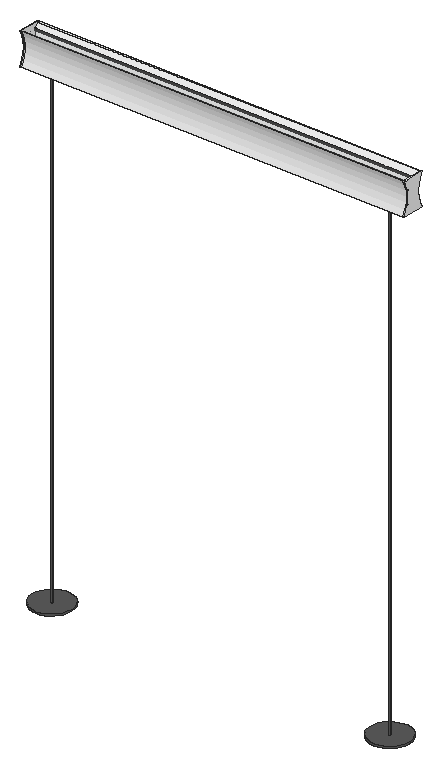
Revit family "6677888", category Lighting Fixtures, host Face, Revit 2019
Family settings
  Host = Face
  Round Connector Dimension = Use Diameter
  Part Type = Normal
  OmniClass Number = 23.80.70.11
  OmniClass Title = Luminaries for Internal Lighting
  Cut with Voids When Loaded = No
  Light Source = Yes
  Shared = No
  Room Calculation Point = No
Parameters (values of type "Not a type - Load Type Catalog!")
  z_Start = Run : Start Fixture
  z_Standalone = Run : Standalone Fixture
  z_Right Cord [instance] = 2 > 1  # yes
  z_Middle = Run : Middle Fixture
  z_Light Position [instance] = [z_Cord/Rod Length Control] + 0' 4"  # 5' - 4"
  z_Left Cord [instance] = or(Run Option = z_Standalone, Run Option = z_Start)  # yes
  z_End Mount Offset Control [instance] = if(or(Run Option = z_Start, Run Option = z_Standalone), 0' 0", if(End Mount Offset > Length / 2 - 0' 3", Length / 2 - 0' 3", End Mount Offset))  # 0' - 0"
  z_End = Run : End Fixture
  z_Cord/Rod Length Control [instance] = if(and(not(Field Specified Cable Length Override), Mounting Option = z_AC05), 5' 0", if(and(not(Field Specified Cable Length Override), or(Mounting Option = z_AC10, Mounting Option = z_AL10)), 10' 0", if([Cord/Rod Length] < 0' 2", 0' 2", if([Cord/Rod Length] > [Max Cord/Rod Length], [Max Cord/Rod Length], [Cord/Rod Length]))))  # 5' - 0"
  z_Connector Position [instance] = if(z_Left Cord, 0' 3", Length - 0' 3" - z_End Mount Offset Control)  # 0' - 3"
  z_Array No 01 [instance] = if(or(Run Option = z_Standalone, Run Option = z_Start, and(Run Option = z_End, [Emergency Circuit - End Fixture])), 3, 2)  # 3
  z_AL10 = Aircraft Cable : with Loops 10' (AL10)
  z_AC10 = Aircraft Cable : with Canopy 10' (AC10)
  z_AC05 = Aircraft Cable : with Canopy 5' (AC05)
  Width = 0' - 2 179/256"  # constant formula
  Weight = 0.00 lbf
  Wattage Comments = "Efficacy up to 130 lm/W"
  Wattage = 21.7391 W
  Voltage Range = "120-277V"
  built-in parameter 1150110 = 1 (stored number, unit not read)
  Voltage = 120 V
  URL = "https://starteklightingamerica.com/x-beam/"
  Type Comments = "Linear Lighting Fixture"  # constant formula
  built-in parameter 1114217 = 1 (stored number, unit not read)
  Tilt Angle [instance] = 90.00°  # constant formula
  built-in parameter 1150109 = 1 (stored number, unit not read)
  built-in parameter 1150134 = (empty or 0)
  built-in parameter 1150113 = 1 (stored number, unit not read)
  Run Option [instance] = Run : Standalone Fixture
  Product data url = "https://www.bimobject.com/startek-lighting/product/x-beam-direct-indirect"
  Product Material [instance] = StarTek Lighting - Aluminum - Clear Anodized
  Product Guid = "b2d46db5-73f3-4843-a0b3-9aa1ceb00019"
  Power Factor = 0.93
  Photometric Web File = "Generic Light Source Shown : Please download and link the IES file that best matches your fixture specification"
  Photometric Note = "Import IES files https://starteklightingamerica.com/"  # constant formula
  Phase = 1
  Number of Poles = 3
  Mounting Option [instance] = Aircraft Cable : with Canopy 5' (AC05)
  Mount Finish Note [instance] = "Aircraft Cable mount can be ordered in white (ACW, ALW) or black (ACB, ALB)"  # constant formula
  Mount Finish [instance] = StarTek Lighting - Aluminum - Powder Coat Black
  Model = ""
  Min Cord/Rod Length [instance] = 0' - 1"  # constant formula
  Max Cord/Rod Length [instance] = if(Mounting Option = z_AC05, 5' 0", 10' 0")  # 5' - 0"
  Manufacturer = "StarTek Lighting"  # constant formula
  built-in parameter 1150105 = 238.73 (stored number, unit not read)
  Lumens = 3000 lm
  built-in parameter 1150115 = 1 (stored number, unit not read)
  built-in parameter 1150137 = (empty or 0)
  built-in parameter 1150139 = (empty or 0)
  Length = 4' - 0"
  built-in parameter 1150112 = 1 (stored number, unit not read)
  built-in parameter 1150114 = 1 (stored number, unit not read)
  Lamp = "LED"  # constant formula
  Keynote = "16500"  # constant formula
  Input Wattage = 0 W
  built-in parameter 1150132 = 2
  built-in parameter 1150102 = (empty or 0)
  built-in parameter 1150107 = 3000 (stored number, unit not read)
  built-in parameter 1150138 = (empty or 0)
  Indirect Distribution = ""
  built-in parameter 1150106 = 2.3873 (stored number, unit not read)
  Height = 0' - 4"  # constant formula
  Frequency = 60 Hz
  Field Specified Cable Length Override [instance] = no
  End Mount Offset [instance] = 0' - 0"
  Emit from Rectangle Width [instance] = 0' - 2 93/256"  # constant formula
  Emit from Rectangle Length [instance] = Length - 0' 0 1/2"  # 3' - 11 1/2"
  Emit Shape Visible in Rendering = 2 < 1  # no
  Emergency Circuit - End Fixture [instance] = no
  Edition number = 1
  Direct Distribution = ""
  Description = "X-Beam Direct/Indirect"  # constant formula
  built-in parameter 1150104 = 12.821 (stored number, unit not read)
  Dimming Lamp Color Temperature Shift = <None>
  Default Elevation = 4' - 0"
  Cord/Rod Length [instance] = 5' - 0"
  Color Filter = 16777215
  Color [instance] = "Available options: Clear Anodize (CA), Powder Coat White (PW), Powder Coat Black (PB) Powder Coat Other (PO)"  # constant formula
  CRI = "80"
  built-in parameter 1114218 = 1 (stored number, unit not read)
  built-in parameter 1150133 = 10 (stored number, unit not read)
  Assembly Code = "D5020200"
  Apparent Load = Input Wattage / (Number of Poles * Power Factor)  # 0 VA
Reference planes (in)
  plane 1 "Center (Front/Back)": y = 0
  plane 2: z = 0
  plane 3 "Center (Left/Right)": x = 0
  plane 4 "None": z = 60
  plane 5: x = -21.21875
  plane 6 "Light source": z = 62
  plane 7 "Light Vertical": z = 60.49067
  plane 8 "Light Horizontal": y = 5.00837
  plane 9: z = 0.5
  plane 10: x = 21.21875
  plane 11: x = -21.75022
  plane 12: x = -20.68728
  plane 13: x = 20.68728
  plane 14: x = 21.75022
  plane 15: x = -22.2817
  plane 16: x = -20.1558
  plane 17: x = 20.1558
  plane 18: x = 22.2817
  plane 19: y = 0
  plane 20: x = -24
  plane 21: x = 24
  plane 22: x = 21.21875
  plane 23: x = -21
Forms (in)
  Extrusion 1, solid, not visible
    sketch origin (0, 1.1511, -0.03147) x (1, 0, 0) y (0, 0, 1)
      loop
        line (-21.25022, 0.03147) -> (-21.25022, -0.03147) -> (-21.18728, -0.03147) -> (-21.18728, 0.03147) -> (-21.25022, 0.03147)
    from 1.1394 to 1.16281
Dimensions and locks (in)
  Extrusion 1 sketch curve to level to Extrusion 1 sketch curve = 0' - 0", 0' - 0.06295"
  locked: plane 8 "Light Horizontal" to plane 1 "Center (Front/Back)" at 5.00837
  plane 11 to plane 5 to plane 12 = 0' - 0.53147" locked, 0' - 0.53147" locked
  plane 13 to plane 10 to plane 14 = 0' - 0.53147" locked, 0' - 0.53147" locked
  plane 15 to plane 5 to plane 16 = 0' - 1.06295" locked, 0' - 1.06295" locked
  plane 17 to plane 10 to plane 18 = 0' - 1.06295" locked, 0' - 1.06295" locked
  locked: plane 7 "Light Vertical" to plane 4 "None" at 0.49067
  plane 1 "Center (Front/Back)" to plane 19 = 0' - 0"
  equal spacing: Extrusion 1, plane 19, Extrusion 1
  locked: Extrusion 1 to Extrusion 1 at 0.0234
  "z_Cord/Rod Length Control": plane 4 "None" to level
  Extrusion 1 to plane 19 to Extrusion 1 = 0' - 0 3/256" locked, 0' - 0 3/256" locked
  locked: plane 9 to level at 0.5
  equal spacing: plane 21, plane 3 "Center (Left/Right)", plane 20
  "Length": plane 21 to plane 20
  locked: plane 5 to plane 20 at 2.78125
  locked: plane 10 to plane 21 at 2.78125
  "z_End Mount Offset Control": plane 22 to plane 10
  locked: nested 4 to plane 20 at 6
  "z_Connector Position": plane 20 to plane 23
  equal spacing: group 1, group 2, group 3  (x3)
  locked: plane 6 "Light source" to plane 7 "Light Vertical" at 1.50933
  aligned and locked: plane 2 to host face
  aligned and locked: level to host face
  aligned and locked: imposter light to plane 6 "Light source"
  aligned and locked: plane 3 "Center (Left/Right)" to nested 3
  aligned and locked: plane 5 to nested 2
  aligned and locked: plane 22 to nested 1
  aligned and locked: plane 1 "Center (Front/Back)" to nested 4
  aligned and locked: plane 23 to nested 6
  aligned and locked: plane 1 "Center (Front/Back)" to nested 6
Automatic sketch dimensions
  host sketch curve to host sketch curve = 8' - 0"  (x2)
  Extrusion 1 sketch curve to plane 5 = 0' - 0.03147"
  plane 5 to Extrusion 1 sketch curve = 0' - 0.03147"
Nested families (in)
  nested 1: "Aircraft Cable" at (21.21875, 0, 0), visible <- "z_Right Cord", Cord length <- "z_Cord/Rod Length Control", type <- "Mounting Option", type "with Canopy 5' (AC05)"
    with Cord length control 5' - 0", Cord length 5' - 0"
  nested 2: "Aircraft Cable" at (-21.21875, 0, 0), visible <- "z_Left Cord", Cord length <- "z_Cord/Rod Length Control", type <- "Mounting Option", type "with Canopy 5' (AC05)"
    with Cord length control 5' - 0", Cord length 5' - 0"
  nested 3: "Run" at (-0.3935, 0, 60.49067), type <- "Run Option", type "Standalone Fixture"
  nested 4: "Connection" at (-30, 0, 0), type "Connection"
  nested 5: "Connection" at (-25.5, 0, 0), type "Connection"
  nested 6: "Connection" at (-21, 0, 0), type "Connection"
Connectors (in)
  electrical at (-21, 0, 0), driven by "Number of Poles", driven by "Voltage", driven by "Apparent Load", driven by "Apparent Load", driven by "Apparent Load", driven by "Power Factor"
    settings: on nested 6, index 1, voltage 120 V, apparent load 0 VA, apparent load phase1 0 VA, apparent load phase2 0 VA, apparent load phase3 0 VA, power factor 0.93, load classification "Other", number of poles 3, system type 31, power factor state 1, is connector primary yes, connector utility no, sub classification motor no, connector description "Connector for Electrical Power"
Definition of nested family "Aircraft Cable"
  Parameters (values of type "with Loops 10' (AL10)")
    TM = no
    Height = 0' - 0"
    Default Elevation = 4' - 0"
    Cord material = none
    MAX cord length = 10' - 0"
    Cord length control [instance] = if(Cord length < 0' 0 1/2", 0' 0 1/2", Cord length)  # 3' - 0"
    Cord length [instance] = 3' - 0"
    Canopy = no
    ACAL = yes
  Types (4): name | MAX cord length | Canopy
    with Loops 10' (AL10) | 10' - 0" | no
    with Loops 5' (AL05) | 5' - 0" | no
    with Canopy 5' (AC05) | 5' - 0" | yes
    with Canopy 10' (AC10) | 10' - 0" | yes
  Reference planes (in)
    plane 1 "Center (Front/Back)": y = 0
    plane 2: z = 0
    plane 3 "Center (Left/Right)": x = 0
    plane 4 "canopy plane": z = 36
    plane 5: z = 35.5
    plane 6: z = 33.16358
  Forms (in)
    Extrusion 1, solid, material <- "Cord material", visible <- "ACAL", detail levels coarse
      sketch origin (0, 0, 0) x (1, 0, 0) y (0, 1, 0)
        loop
          circle (0, 0) r 0.09375
      from 0 to 36
    Extrusion 2, solid, material <- "Cord material", visible <- "Canopy"
      sketch origin (0, 0, 0.19141) x (-1, 0, 0) y (0, -1, 0)
        loop
          circle (0, 0) r 2.5
      from 0 to -0.19141
    Extrusion 3, solid, material <- "Cord material", visible <- "Canopy", not visible
      sketch origin (0, 0, 36) x (-1, 0, 0) y (0, -1, 0)
        loop
          circle (0, 0) r 2.5
      from 0 to -0.19141
    Extrusion 4, solid, material <- "Cord material", visible <- "ACAL", detail levels medium+fine
      sketch origin (0, 0, 0) x (1, 0, 0) y (0, 1, 0)
        loop
          circle (0, 0) r 0.09375
      from 0 to 36
    Extrusion 5, solid, material <- "Cord material", visible <- "TM", detail levels medium+fine
      sketch origin (0, 0, 0) x (1, 0, 0) y (0, 1, 0)
        loop
          circle (0, 0) r 0.09375
      from 0 to 33.16358
  Dimensions and locks (in)
    "Cord length control": plane 4 "canopy plane" to plane 2
    locked: plane 4 "canopy plane" to plane 5 at 0.5
    locked: plane 5 to plane 6 at 2.33642
    aligned and locked: plane 2 to level
    aligned and locked: plane 4 "canopy plane" to Extrusion 1
    aligned and locked: Extrusion 2 to plane 2
    aligned and locked: Extrusion 4 to level
    aligned and locked: Extrusion 5 to plane 6
    aligned and locked: Extrusion 4 to Extrusion 1
  Automatic sketch dimensions
    plane 1 "Center (Front/Back)" to Extrusion 1 sketch curve = 0' - 0"
    Extrusion 1 sketch curve to plane 3 "Center (Left/Right)" = 0' - 0"
    plane 1 "Center (Front/Back)" to Extrusion 4 sketch curve = 0' - 0"
    Extrusion 4 sketch curve to plane 3 "Center (Left/Right)" = 0' - 0"
    plane 1 "Center (Front/Back)" to Extrusion 5 sketch curve = 0' - 0"
    Extrusion 5 sketch curve to plane 3 "Center (Left/Right)" = 0' - 0"
    radius of Extrusion 2 sketch curve = 0' - 2 1/2"
    radius of Extrusion 3 sketch curve = 0' - 2 1/2"
    radius of Extrusion 1 sketch curve = 0' - 0 3/32"
    radius of Extrusion 4 sketch curve = 0' - 0 3/32"
    radius of Extrusion 5 sketch curve = 0' - 0 3/32"
Definition of nested family "Run"
  Parameters (values of type "Start Fixture")
    Width = 0' - 2 179/256"  # constant formula
    Right Cap = no
    Length = 4' - 0"
    Left Cap = yes
    Lamp Finish = none
    Height = 0' - 4"  # constant formula
    Default Elevation = 4' - 0"
  Types (4): name | Right Cap | Left Cap
    End Fixture | yes | no
    Middle Fixture | no | no
    Start Fixture | no | yes
    Standalone Fixture | yes | yes
  Reference planes (in)
    plane 1 "Center (Front/Back)": y = 0
    plane 2: z = 0
    plane 3 "Center (Left/Right)": x = 0.3935
    plane 4: z = -0.49163
    plane 5: x = -23.7415
    plane 6: x = 24.5285
    plane 7: y = 1.34961
    plane 8: y = -1.34961
    plane 9: y = 0.765
    plane 10: y = -0.765
    plane 11: z = -0.41967
    plane 12: z = -0.31671
    plane 13: z = -0.25371
    plane 14: z = 0.09039
    plane 15: z = 0.18379
    plane 16: x = -21.488
    plane 17: x = -20.4373
    plane 18: x = 22.275
    plane 19: x = 21.2243
    plane 20: x = 21.3177
    plane 21: x = -20.5307
    plane 22: x = -23.6065
    plane 23: x = 24.3935
    plane 24: z = 3.50837
  Forms (in)
    Extrusion 1, solid
      sketch origin (0, 0, 0) x (1, 0, 0) y (0, 1, 0)
        loop
          line (-48, 48) -> (-48, -48) -> (48, -48) -> (48, 48) -> (-48, 48)
      from 0 to -12
    Sweep 2, solid, material <- "Lamp Finish"
      path origin (0, 0, 0) x (1, 0, 0) y (0, 1, 0)
        loop
          line (24.3935, 0) -> (-23.6065, 0)
      profile origin (0.3935, 0, 0) x (0, -1, 0) y (0, 0, 1)
        loop
          line (1.34961, 3.50837) -> (1.18246, 3.50837) -> (0.66805, 2.99396) -> (0.66805, 2.9566) -> (0.79386, 2.9566) -> (0.79386, 2.86289) -> (0.66805, 2.86289) -> (0.66805, 2.79974) -> (0.90534, 2.79974)
          arc (0.90534, 2.79974) -> (0.74882, 2.16045) -> (0.70013, 1.50408) r 3.96762
          line (0.70013, 1.50408) -> (0.29645, 1.50408) -> (0.29645, 1.39527) -> (0.7026, 1.39527)
          arc (0.7026, 1.39527) -> (0.79713, 0.68093) -> (0.99999, -0.0105) r 4.68912
          line (0.99999, -0.0105) -> (0.765, -0.0105) -> (0.765, -0.06515) -> (0.91899, -0.06515) -> (0.91899, -0.16241) -> (0.765, -0.16241) -> (0.765, -0.21922) -> (0.91899, -0.21922) -> (0.91899, -0.31263) -> (0.765, -0.31263) -> (0.765, -0.37878) -> (0.97609, -0.37878) -> (1.24195, -0.49163) -> (1.34961, -0.49163)
          arc (1.34961, -0.49163) -> (0.80283, 1.50837) -> (1.34961, 3.50837) r 3.93117
        loop
          arc (-1.34961, 3.50837) -> (-0.80283, 1.50837) -> (-1.34961, -0.49163) r 3.93117
          line (-1.34961, -0.49163) -> (-1.24195, -0.49163) -> (-0.97609, -0.37878) -> (-0.765, -0.37878) -> (-0.765, -0.31263) -> (-0.91899, -0.31263) -> (-0.91899, -0.21922) -> (-0.765, -0.21922) -> (-0.765, -0.16241) -> (-0.91899, -0.16241) -> (-0.91899, -0.06515) -> (-0.765, -0.06515) -> (-0.765, -0.0105) -> (-0.99999, -0.0105)
          arc (-0.99999, -0.0105) -> (-0.79713, 0.68093) -> (-0.7026, 1.39527) r 4.68912
          line (-0.7026, 1.39527) -> (-0.29645, 1.39527) -> (-0.29645, 1.50408) -> (-0.70013, 1.50408)
          arc (-0.70013, 1.50408) -> (-0.74882, 2.16045) -> (-0.90534, 2.79974) r 3.96762
          line (-0.90534, 2.79974) -> (-0.66805, 2.79974) -> (-0.66805, 2.86289) -> (-0.79386, 2.86289) -> (-0.79386, 2.9566) -> (-0.66805, 2.9566) -> (-0.66805, 2.99396) -> (-1.18246, 3.50837) -> (-1.34961, 3.50837)
    Sweep 3, solid
      path origin (0, 0, 0) x (1, 0, 0) y (0, 1, 0)
        loop
          line (24.3935, 0) -> (-23.6065, 0)
      profile origin (0.3935, 0, 0) x (0, -1, 0) y (0, 0, 1)
        loop
          line (0.89398, -0.10268) -> (-0.89398, -0.10268) -> (-0.89398, -0.15143) -> (0.89398, -0.15143) -> (0.89398, -0.10268)
        loop
          line (0.765, 2.87456) -> (0.765, 2.9424) -> (-0.765, 2.9424) -> (-0.765, 2.87456) -> (0.765, 2.87456)
    Extrusion 4, solid, material <- "Lamp Finish", visible <- "Right Cap"
      sketch origin (0.3935, 0, 0) x (0, 1, 0) y (0, 0, 1)
        loop
          arc (1.34904, -0.49067) -> (0.80283, 1.50893) -> (1.34961, 3.50837) r 3.93117
          line (1.34961, 3.50837) -> (-1.34961, 3.50837)
          arc (-1.34961, 3.50837) -> (-0.80283, 1.50893) -> (-1.34904, -0.49067) r 3.93117
          line (-1.34904, -0.49067) -> (1.34904, -0.49067)
      from 24 to 24.135
    Extrusion 5, solid, material <- "Lamp Finish", visible <- "Left Cap"
      sketch origin (0.3935, 0, 0) x (0, 1, 0) y (0, 0, 1)
        loop
          arc (1.34904, -0.49067) -> (0.80283, 1.50893) -> (1.34961, 3.50837) r 3.93117
          line (1.34961, 3.50837) -> (-1.34961, 3.50837)
          arc (-1.34961, 3.50837) -> (-0.80283, 1.50893) -> (-1.34904, -0.49067) r 3.93117
          line (-1.34904, -0.49067) -> (1.34904, -0.49067)
      from -24.135 to -24
  Lines and regions (in)
    Masking region 1
      outline origin (0, 0, 0) x (1, 0, 0) y (0, 0, 1)
        loop
          line (-23.7415, 3.50837) -> (-23.7415, -0.49163) -> (24.5285, -0.49163) -> (24.5285, 3.50837) -> (-23.7415, 3.50837)
    Masking region 2
      outline origin (0, 0, 0) x (1, 0, 0) y (0, 1, 0)
        loop
          line (-23.6065, 1.34961) -> (-23.6065, -1.34961) -> (24.3935, -1.34961) -> (24.3935, 1.34961) -> (-23.6065, 1.34961)
    Masking region 3, visible <- "Left Cap"
      outline origin (0, 0, 0) x (1, 0, 0) y (0, 1, 0)
        loop
          line (-23.7415, 1.34961) -> (-23.7415, -1.34961) -> (-23.6065, -1.34961) -> (-23.6065, 1.34961) -> (-23.7415, 1.34961)
    Masking region 4, detail levels medium+fine
      outline origin (0, 0, 0) x (1, 0, 0) y (0, 1, 0)
        loop
          line (-23.6065, 1.10152) -> (-23.6065, -1.10152) -> (24.3935, -1.10152) -> (24.3935, 1.10152) -> (-23.6065, 1.10152)
    Masking region 5, visible <- "Right Cap"
      outline origin (0, 0, 0) x (1, 0, 0) y (0, 1, 0)
        loop
          line (24.3935, 1.34961) -> (24.3935, -1.34961) -> (24.5285, -1.34961) -> (24.5285, 1.34961) -> (24.3935, 1.34961)
  Dimensions and locks (in)
    equal spacing: plane 5, plane 3 "Center (Left/Right)", plane 6
    locked: plane 5 to Sweep 2 sketch curve at 0.135
    locked: Sweep 2 sketch curve to plane 6 at 0.135
    locked: Sweep 3 sketch curve to plane 5 at 0.135
    locked: plane 6 to Sweep 3 sketch curve at 0.135
    plane 17 to plane 21 to plane 16 to plane 5 = 0' - 0.0934" locked, 0' - 0.9573" locked, 0' - 2.2535" locked
    plane 19 to plane 20 to plane 18 to plane 6 = 0' - 0.0934" locked, 0' - 0.9573" locked, 0' - 2.2535" locked
    locked: plane 5 to plane 22 at 0.135
    locked: plane 23 to plane 6 at 0.135
    "Length": plane 22 to plane 23
    equal spacing: plane 7, plane 1 "Center (Front/Back)", plane 8
    "Width": plane 7 to plane 8
    plane 11 to plane 12 to plane 13 to plane 2 to plane 14 to plane 15 = 0' - 0.10296" locked, 0' - 0.063" locked, 0' - 0.25371" locked, 0' - 0.09039" locked, 0' - 0.0934" locked
    "Height": plane 4 to plane 24
    locked: plane 4 to plane 11 at 0.07196
    aligned and locked: plane 2 to Extrusion 1
    aligned and locked: level to Extrusion 1
    aligned and locked: Sweep 2 sketch curve to plane 1 "Center (Front/Back)"
    aligned and locked: Sweep 3 sketch curve to plane 1 "Center (Front/Back)"
    aligned and locked: Masking region 1 sketch curve to plane 6
    aligned and locked: plane 24 to Masking region 1 sketch curve
    aligned and locked: plane 5 to Masking region 1 sketch curve
    aligned and locked: Masking region 1 sketch curve to plane 4
    aligned and locked: Masking region 2 sketch curve to plane 7
    aligned and locked: plane 8 to Masking region 2 sketch curve
    aligned and locked: Masking region 3 sketch curve to plane 7
    aligned and locked: plane 8 to Masking region 3 sketch curve
    aligned and locked: plane 5 to Masking region 3 sketch curve
    aligned and locked: plane 23 to Extrusion 4
    aligned and locked: plane 6 to Extrusion 4
    aligned and locked: Extrusion 5 to plane 22
    aligned and locked: Extrusion 5 to plane 5
    aligned and locked: Masking region 3 to plane 22
    aligned and locked: plane 22 to Masking region 4
    aligned and locked: Masking region 4 to plane 23
    aligned and locked: Masking region 5 sketch curve to plane 6
    aligned and locked: Masking region 5 sketch curve to plane 23
    aligned and locked: plane 22 to Masking region 3 sketch curve
    aligned and locked: Masking region 2 sketch curve to plane 22
    aligned and locked: plane 23 to Masking region 2 sketch curve
  Automatic sketch dimensions
    Extrusion 1 sketch curve to Extrusion 1 sketch curve = 8' - 0"  (x2)
    level to Sweep 2 sketch curve = 0' - 1.65144"
    profile plane to Sweep 2 sketch curve = 0' - 5.38472"
    Sweep 2 sketch curve to Sweep 2 sketch curve = 0' - 0.65072"  (x2)
    Sweep 2 sketch curve to Sweep 2 sketch curve = 0' - 0 17/256"  (x2)
    Sweep 2 sketch curve to level = 0' - 0.49163"
    profile plane to Sweep 2 sketch curve = 0' - 1.34961"  (x2)
    Sweep 2 sketch curve to Sweep 2 sketch curve = 0' - 0.10766"  (x2)
    Sweep 2 sketch curve to Sweep 2 sketch curve = 0' - 0.16715"  (x2)
    Sweep 2 sketch curve to level = 0' - 0.0105"  (x2)
    Sweep 2 sketch curve to Sweep 2 sketch curve = 0' - 0.24195"
    Sweep 2 sketch curve to Sweep 2 sketch curve = 0' - 0.26585"  (x2)
    Sweep 2 sketch curve to Sweep 2 sketch curve = 0' - 0.081"  (x2)
    Sweep 2 sketch curve to Sweep 2 sketch curve = 0' - 0"  (x8)
    Sweep 2 sketch curve to Sweep 2 sketch curve = 0' - 0.27712"
    Sweep 2 sketch curve to Sweep 2 sketch curve = 0' - 0.11148"  (x2)
    Sweep 2 sketch curve to level = 0' - 0.06515"
    Sweep 2 sketch curve to Sweep 2 sketch curve = 0' - 0.15399"  (x3)
    profile plane to Sweep 2 sketch curve = 0' - 0.7026"
    Sweep 2 sketch curve to Sweep 2 sketch curve = 0' - 0.00247"  (x2)
    Sweep 2 sketch curve to Sweep 2 sketch curve = 0' - 0.12581"  (x2)
    profile plane to Sweep 2 sketch curve = 0' - 0.29645"
    Sweep 2 sketch curve to profile plane = 0' - 0.29645"
    Sweep 2 sketch curve to profile plane = 0' - 0.66805"
    Sweep 2 sketch curve to Sweep 2 sketch curve = 0' - 0.40368"
    Sweep 2 sketch curve to level = 0' - 0.37878"
    Sweep 2 sketch curve to profile plane = 0' - 0.765"
    Sweep 2 sketch curve to Sweep 2 sketch curve = 0' - 0.0571"
    Sweep 2 sketch curve to Sweep 2 sketch curve = 0' - 0.3886"
    level to Sweep 2 sketch curve = 0' - 1.53978"
    Sweep 2 sketch curve to Sweep 2 sketch curve = 0' - 3.31798"
    Sweep 2 sketch curve to Sweep 2 sketch curve = 0' - 0.11285"  (x2)
    Sweep 2 sketch curve to Sweep 2 sketch curve = 0' - 0.06615"  (x2)
    Sweep 2 sketch curve to Sweep 2 sketch curve = 0' - 0.09341"  (x2)
    Sweep 2 sketch curve to Sweep 2 sketch curve = 0' - 0.05682"  (x2)
    Sweep 2 sketch curve to Sweep 2 sketch curve = 0' - 0.05465"
    Sweep 2 sketch curve to Sweep 2 sketch curve = 0' - 0.10881"  (x2)
    Sweep 2 sketch curve to Sweep 2 sketch curve = 0' - 0.0314"  (x2)
    Sweep 2 sketch curve to Sweep 2 sketch curve = 0' - 0.14307"
    Sweep 2 sketch curve to Sweep 2 sketch curve = 0' - 0.06315"  (x2)
    Sweep 2 sketch curve to Sweep 2 sketch curve = 0' - 0.09371"  (x2)
    Sweep 2 sketch curve to Sweep 2 sketch curve = 0' - 0.03736"  (x2)
    Sweep 3 sketch curve to level = 0' - 0.10268"
    profile plane to Sweep 3 sketch curve = 0' - 0.89398"
    profile plane to Sweep 3 sketch curve = 0' - 0.765"
    Sweep 3 sketch curve to profile plane = 0' - 0.765"
    Sweep 3 sketch curve to level = 0' - 0.15143"
    Sweep 3 sketch curve to profile plane = 0' - 0.89398"
    level to Sweep 3 sketch curve = 0' - 2.87456"
    Sweep 3 sketch curve to Sweep 3 sketch curve = 0' - 0.06784"
    Masking region 4 sketch curve to plane 22 = 0' - 0"
    Masking region 4 sketch curve to plane 23 = 0' - 0"
    plane 8 to Masking region 4 sketch curve = 0' - 0.24809"
    Masking region 4 sketch curve to plane 7 = 0' - 0.24809"
    Extrusion 4 sketch curve to plane 8 = 0' - 0"
    Extrusion 4 sketch curve to plane 7 = 0' - 0"
    Extrusion 4 sketch curve to plane 24 = 0' - 0"
    Extrusion 4 sketch curve to plane 8 = 0' - 3.38439"
    plane 8 to Extrusion 4 sketch curve = 0' - 0.00056"
    Extrusion 4 sketch curve to plane 7 = 0' - 0.00056"
    plane 7 to Extrusion 4 sketch curve = 0' - 3.38439"
    level to Extrusion 4 sketch curve = 0' - 1.50837"
    Extrusion 5 sketch curve to plane 8 = 0' - 0"
    Extrusion 5 sketch curve to plane 7 = 0' - 0"
    Extrusion 5 sketch curve to plane 24 = 0' - 0"
    Extrusion 5 sketch curve to plane 8 = 0' - 3.38439"
    plane 8 to Extrusion 5 sketch curve = 0' - 0.00056"
    Extrusion 5 sketch curve to plane 7 = 0' - 0.00056"
    plane 7 to Extrusion 5 sketch curve = 0' - 3.38439"
    level to Extrusion 5 sketch curve = 0' - 1.50837"
    Masking region 5 sketch curve to plane 7 = 0' - 0"
    Masking region 5 sketch curve to plane 8 = 0' - 0"
Definition of nested family "Connection"
  Parameters (values of type "Connection")
    Default Elevation = 4' - 0"
  Reference planes (in)
    plane 1 "Center (Front/Back)": y = 0
    plane 2: z = 0
    plane 3 "Center (Left/Right)": x = 0
  Forms (in)
    Extrusion 1, solid
      sketch origin (0, 0, 0) x (1, 0, 0) y (0, 1, 0)
        loop
          line (-48, 48) -> (-48, -48) -> (48, -48) -> (48, 48) -> (-48, 48)
      from 0 to -12
    Extrusion 2, solid, not visible
      sketch origin (0, 0, 0) x (1, 0, 0) y (0, 1, 0)
        loop
          circle (0, 0) r 0.7874
      from 0 to -0.45531
  Dimensions and locks (in)
    aligned and locked: plane 2 to Extrusion 1
    aligned and locked: level to Extrusion 1
